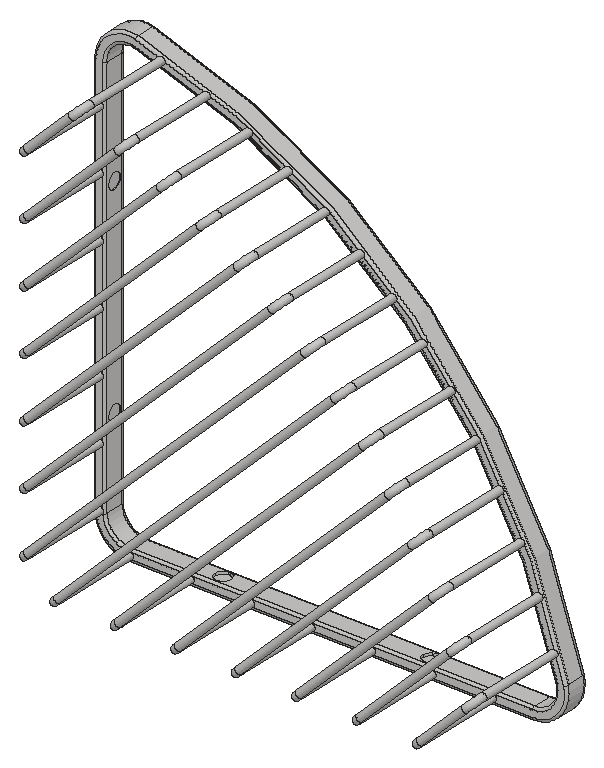
Revit family "PRD_FrankeWS_SpDshs_ACCESSOIRESCornerBasket_MISX2009HP", category Specialty Equipment, host Face, Revit 2018
Family settings
  Host = Face
  Round Connector Dimension = Use Diameter
  Part Type = Normal
  OmniClass Number = 23.40.20.21.34
  OmniClass Title = Soap Holders, Dispensers
  Cut with Voids When Loaded = No
  Shared = No
  Room Calculation Point = No
Parameters (values of type "MISX2009HP")
  WarrantyStartDate [instance] = "1900-12-31T23:59:59"
  WarrantyGuarantorParts = "n/a"
  WarrantyGuarantorLabor = "n/a"
  WarrantyDurationUnit = "year"
  WarrantyDurationParts = "n/a"
  WarrantyDurationLabor = "n/a"
  WarrantyDescription = "n/a"
  Version = "1"
  Uniclass2015Version = "Products v1.17"
  Uniclass2015Title = "Soap dishes"
  Uniclass2015Code = "Pr_40_20_76_82"
  URL = "www.kwc.com"
  TypeOfMounting = "Wall mounting"
  TypeOfFixing = "Screw"
  TagNumber [instance] = "n/a"
  SustainabilityPerformance = "n/a"
  Style = "Basket"
  Size = "205 x 50 x 205 mm"
  Shape = "n/a"
  SerialNumber [instance] = "n/a"
  Revision = "n/a"
  ReplacementCost = "n/a"
  ProductInformation = "https://pim.kwc.com/product/2000106380/attachment/datasheet?locale=en"
  NominalWidth = 205.00 mm
  NominalHeight = 50.00 mm
  NominalDepth = 205.00 mm
  NetWeight = 0.44 kg
  Name = "Corner basket MISX2009HP"
  NBSTypeID = "n/a"
  NBSReference = "45-35-72/356"
  NBSOfficeMasterTag = "n/a"
  NBSNote = "n/a"
  NBSDescription = "Soap dishes"
  NBSCertification = "n/a"
  ModelReference = "MISX2009HP"
  ModelNumber = "2000106380"
  Model = ModelReference  # "MISX2009HP"
  MaterialCode = "1.4301"
  Material = "stainless steel"
  ManufacturerURL = "www.kwc.com"
  ManufacturerName = "KWC Group AG"  # constant formula
  Manufacturer = ManufacturerName  # "KWC Group AG"
  MainColor = "stainless steel"
  IsBuiltIn = "TRUE"
  IntegralAccessories = "incl. stainless steel screws and dowels"
  InstallationDate [instance] = "1900-12-31T23:59:59"
  IfcExportType = "USERDEFINED"
  IfcExportAs = "IfcFurnitureType"
  GrossWeight = 0.65 kg
  Grade = "n/a"
  Finish = "high polished"
  Features = "stainless steel, surface high polished"
  ExpectedLife = "n/a"
  DurationUnit = "year"
  Description = "Corner basket for wall mounting, 304 stainless steel, used for shower or bath, inclusive stainless steel screws and dowels."
  Default Elevation = 1200.00 mm
  CreateOn = "05/2020"  # constant formula
  Constituents = "n/a"
  Color = "n/a"
  CodePerformance = "n/a"
  Category = "Pr_40_20_76_82, Soap dishes"
  BasketMaterial = PRD_AR_StainlessSteel_HighPolished
  BarCode [instance] = "n/a"
  BIMObjectName = "PRD_AR_SoapDishes_ACCESSOIRESCornerBasket_MISX2009HP"
  Author = "Archispace"  # constant formula
  AssetType = "Fixed"
  AssetIdentifier [instance] = "n/a"
  AccessibilityPerformance = "n/a"
Reference planes
  plane 1 "Center (Front/Back)": y = 0
  plane 2: z = 0
  plane 3 "Center (Left/Right)": x = 0
  plane 4: y = -50
  plane 5: x = 0
Forms (mm)
  Sweep 1, solid, material "PRD_AR_StainlessSteel_HighPolished" <- "BasketMaterial", detail levels fine
    path origin (0, 0, 0) x (1, 0, 0) y (0, 0, 1)
      loop
        arc (2.5, 15) -> (6.161, 6.161) -> (15, 2.5) r 12.5
        line (15, 2.5) -> (190.018, 2.5)
        arc (190.018, 2.5) -> (199.826, 7.25) -> (202.179, 17.891) r 12.5
        arc (202.179, 17.891) -> (136.133, 136.133) -> (17.891, 202.179) r 248.5
        arc (17.891, 202.179) -> (7.25, 199.826) -> (2.5, 190.018) r 12.5
        line (2.5, 190.018) -> (2.5, 15)
    profile origin (2.5, 0, 102.509) x (-1, 0, 0) y (0, -1, 0)
      loop
        arc (1.5, -5) -> (2.207, -4.707) -> (2.5, -4) r 1
        line (2.5, -4) -> (2.5, 4)
        arc (2.5, 4) -> (2.207, 4.707) -> (1.5, 5) r 1
        line (1.5, 5) -> (-1.5, 5)
        arc (-1.5, 5) -> (-2.207, 4.707) -> (-2.5, 4) r 1
        line (-2.5, 4) -> (-2.5, -4)
        arc (-2.5, -4) -> (-2.207, -4.707) -> (-1.5, -5) r 1
        line (-1.5, -5) -> (1.5, -5)
  Extrusion 2, void
    sketch origin (0, 0, 0) x (1, 0, 0) y (0, 1, 0)
      loop
        circle (52, 0) r 3.5
      loop
        circle (142, 0) r 3.5
    from 4.2 to 5
  Extrusion 3, void
    sketch origin (0, 0, 0) x (0, 0, 1) y (0, -1, 0)
      loop
        circle (52, 0) r 3.5
      loop
        circle (142, 0) r 3.5
    from 4.2 to 5
  Sweep 4, solid, material "PRD_AR_StainlessSteel_HighPolished" <- "BasketMaterial", detail levels fine
    path origin (6.036, -4572, 176.095) x (-0.707107, 0, -0.707107) y (0, -1, 0)
      loop
        line (5, -4567) -> (5, -4528.5)
        arc (5, -4528.5) -> (3.536, -4524.964) -> (0, -4523.5) r 5
        line (0, -4523.5) -> (-27.703, -4523.5)
        arc (-27.703, -4523.5) -> (-31.239, -4524.964) -> (-32.703, -4528.5) r 5
        line (-32.703, -4528.5) -> (-32.703, -4567)
    profile origin (2.5, -24.25, 172.559) x (0.707107, 0, 0.707107) y (-0.707107, 0, 0.707107)
      loop
        circle (0, 0) r 1.5
  Sweep 5, solid, material "PRD_AR_StainlessSteel_HighPolished" <- "BasketMaterial", detail levels fine
    path origin (19.117, -4572, 163.013) x (-0.707107, 0, -0.707107) y (0, -1, 0)
      loop
        line (23.5, -4567) -> (23.5, -4528.5)
        arc (23.5, -4528.5) -> (22.036, -4524.964) -> (18.5, -4523.5) r 5
        line (18.5, -4523.5) -> (-36.949, -4523.5)
        arc (-36.949, -4523.5) -> (-40.485, -4524.964) -> (-41.949, -4528.5) r 5
        line (-41.949, -4528.5) -> (-41.949, -4567)
    profile origin (2.5, -24.25, 146.396) x (0.707107, 0, 0.707107) y (-0.707107, 0, 0.707107)
      loop
        circle (0, 0) r 1.5
  Sweep 6, solid, material "PRD_AR_StainlessSteel_HighPolished" <- "BasketMaterial", detail levels fine
    path origin (32.198, -4572, 149.932) x (-0.707107, 0, -0.707107) y (0, -1, 0)
      loop
        line (42, -4567) -> (42, -4528.5)
        arc (42, -4528.5) -> (40.536, -4524.964) -> (37, -4523.5) r 5
        line (37, -4523.5) -> (-44.376, -4523.5)
        arc (-44.376, -4523.5) -> (-47.911, -4524.964) -> (-49.376, -4528.5) r 5
        line (-49.376, -4528.5) -> (-49.376, -4567)
    profile origin (2.5, -24.25, 120.233) x (0.707107, 0, 0.707107) y (-0.707107, 0, 0.707107)
      loop
        circle (0, 0) r 1.5
  Sweep 7, solid, material "PRD_AR_StainlessSteel_HighPolished" <- "BasketMaterial", detail levels fine
    path origin (45.28, -4572, 136.85) x (-0.707107, 0, -0.707107) y (0, -1, 0)
      loop
        line (60.5, -4567) -> (60.5, -4528.5)
        arc (60.5, -4528.5) -> (59.036, -4524.964) -> (55.5, -4523.5) r 5
        line (55.5, -4523.5) -> (-50.152, -4523.5)
        arc (-50.152, -4523.5) -> (-53.687, -4524.964) -> (-55.152, -4528.5) r 5
        line (-55.152, -4528.5) -> (-55.152, -4567)
    profile origin (2.5, -24.25, 94.07) x (0.707107, 0, 0.707107) y (-0.707107, 0, 0.707107)
      loop
        circle (0, 0) r 1.5
  Sweep 8, solid, material "PRD_AR_StainlessSteel_HighPolished" <- "BasketMaterial", detail levels fine
    path origin (58.361, -4572, 123.769) x (-0.707107, 0, -0.707107) y (0, -1, 0)
      loop
        line (79, -4567) -> (79, -4528.5)
        arc (79, -4528.5) -> (77.536, -4524.964) -> (74, -4523.5) r 5
        line (74, -4523.5) -> (-54.394, -4523.5)
        arc (-54.394, -4523.5) -> (-57.929, -4524.964) -> (-59.394, -4528.5) r 5
        line (-59.394, -4528.5) -> (-59.394, -4567)
    profile origin (2.5, -24.25, 67.907) x (0.707107, 0, 0.707107) y (-0.707107, 0, 0.707107)
      loop
        circle (0, 0) r 1.5
  Sweep 9, solid, material "PRD_AR_StainlessSteel_HighPolished" <- "BasketMaterial", detail levels fine
    path origin (71.443, -4572, 110.687) x (-0.707107, 0, -0.707107) y (0, -1, 0)
      loop
        line (97.5, -4567) -> (97.5, -4528.5)
        arc (97.5, -4528.5) -> (96.036, -4524.964) -> (92.5, -4523.5) r 5
        line (92.5, -4523.5) -> (-57.181, -4523.5)
        arc (-57.181, -4523.5) -> (-60.717, -4524.964) -> (-62.181, -4528.5) r 5
        line (-62.181, -4528.5) -> (-62.181, -4567)
    profile origin (2.5, -24.25, 41.744) x (0.707107, 0, 0.707107) y (-0.707107, 0, 0.707107)
      loop
        circle (0, 0) r 1.5
  Sweep 10, solid, material "PRD_AR_StainlessSteel_HighPolished" <- "BasketMaterial", detail levels fine
    path origin (84.524, -4572, 97.606) x (-0.707107, 0, -0.707107) y (0, -1, 0)
      loop
        line (116, -4567) -> (116, -4528.5)
        arc (116, -4528.5) -> (114.536, -4524.964) -> (111, -4523.5) r 5
        line (111, -4523.5) -> (-58.563, -4523.5)
        arc (-58.563, -4523.5) -> (-62.099, -4524.964) -> (-63.563, -4528.5) r 5
        line (-63.563, -4528.5) -> (-63.563, -4567)
    profile origin (2.5, -24.25, 15.581) x (0.707107, 0, 0.707107) y (-0.707107, 0, 0.707107)
      loop
        circle (0, 0) r 1.5
  Sweep 11, solid, material "PRD_AR_StainlessSteel_HighPolished" <- "BasketMaterial", detail levels fine
    path origin (176.095, -4572, 6.036) x (-0.707107, 0, -0.707107) y (0, 1, 0)
      loop
        line (5, 4567) -> (5, 4528.5)
        arc (5, 4528.5) -> (3.536, 4524.964) -> (0, 4523.5) r 5
        line (0, 4523.5) -> (-27.703, 4523.5)
        arc (-27.703, 4523.5) -> (-31.239, 4524.964) -> (-32.703, 4528.5) r 5
        line (-32.703, 4528.5) -> (-32.703, 4567)
    profile origin (172.559, -24.25, 2.5) x (-0.707107, 0, -0.707107) y (0.707107, 0, -0.707107)
      loop
        circle (0, 0) r 1.5
  Sweep 12, solid, material "PRD_AR_StainlessSteel_HighPolished" <- "BasketMaterial", detail levels fine
    path origin (163.013, -4572, 19.117) x (-0.707107, 0, -0.707107) y (0, 1, 0)
      loop
        line (23.5, 4567) -> (23.5, 4528.5)
        arc (23.5, 4528.5) -> (22.036, 4524.964) -> (18.5, 4523.5) r 5
        line (18.5, 4523.5) -> (-36.949, 4523.5)
        arc (-36.949, 4523.5) -> (-40.485, 4524.964) -> (-41.949, 4528.5) r 5
        line (-41.949, 4528.5) -> (-41.949, 4567)
    profile origin (146.396, -24.25, 2.5) x (-0.707107, 0, -0.707107) y (0.707107, 0, -0.707107)
      loop
        circle (0, 0) r 1.5
  Sweep 13, solid, material "PRD_AR_StainlessSteel_HighPolished" <- "BasketMaterial", detail levels fine
    path origin (149.932, -4572, 32.198) x (-0.707107, 0, -0.707107) y (0, 1, 0)
      loop
        line (42, 4567) -> (42, 4528.5)
        arc (42, 4528.5) -> (40.536, 4524.964) -> (37, 4523.5) r 5
        line (37, 4523.5) -> (-44.376, 4523.5)
        arc (-44.376, 4523.5) -> (-47.911, 4524.964) -> (-49.376, 4528.5) r 5
        line (-49.376, 4528.5) -> (-49.376, 4567)
    profile origin (120.233, -24.25, 2.5) x (-0.707107, 0, -0.707107) y (0.707107, 0, -0.707107)
      loop
        circle (0, 0) r 1.5
  Sweep 14, solid, material "PRD_AR_StainlessSteel_HighPolished" <- "BasketMaterial", detail levels fine
    path origin (136.85, -4572, 45.28) x (-0.707107, 0, -0.707107) y (0, 1, 0)
      loop
        line (60.5, 4567) -> (60.5, 4528.5)
        arc (60.5, 4528.5) -> (59.036, 4524.964) -> (55.5, 4523.5) r 5
        line (55.5, 4523.5) -> (-50.152, 4523.5)
        arc (-50.152, 4523.5) -> (-53.687, 4524.964) -> (-55.152, 4528.5) r 5
        line (-55.152, 4528.5) -> (-55.152, 4567)
    profile origin (94.07, -24.25, 2.5) x (-0.707107, 0, -0.707107) y (0.707107, 0, -0.707107)
      loop
        circle (0, 0) r 1.5
  Sweep 15, solid, material "PRD_AR_StainlessSteel_HighPolished" <- "BasketMaterial", detail levels fine
    path origin (123.769, -4572, 58.361) x (-0.707107, 0, -0.707107) y (0, 1, 0)
      loop
        line (79, 4567) -> (79, 4528.5)
        arc (79, 4528.5) -> (77.536, 4524.964) -> (74, 4523.5) r 5
        line (74, 4523.5) -> (-54.394, 4523.5)
        arc (-54.394, 4523.5) -> (-57.929, 4524.964) -> (-59.394, 4528.5) r 5
        line (-59.394, 4528.5) -> (-59.394, 4567)
    profile origin (67.907, -24.25, 2.5) x (-0.707107, 0, -0.707107) y (0.707107, 0, -0.707107)
      loop
        circle (0, 0) r 1.5
  Sweep 16, solid, material "PRD_AR_StainlessSteel_HighPolished" <- "BasketMaterial", detail levels fine
    path origin (110.687, -4572, 71.443) x (-0.707107, 0, -0.707107) y (0, 1, 0)
      loop
        line (97.5, 4567) -> (97.5, 4528.5)
        arc (97.5, 4528.5) -> (96.036, 4524.964) -> (92.5, 4523.5) r 5
        line (92.5, 4523.5) -> (-57.181, 4523.5)
        arc (-57.181, 4523.5) -> (-60.717, 4524.964) -> (-62.181, 4528.5) r 5
        line (-62.181, 4528.5) -> (-62.181, 4567)
    profile origin (41.744, -24.25, 2.5) x (-0.707107, 0, -0.707107) y (0.707107, 0, -0.707107)
      loop
        circle (0, 0) r 1.5
  Sweep 17, solid, material "PRD_AR_StainlessSteel_HighPolished" <- "BasketMaterial", detail levels fine
    path origin (97.606, -4572, 84.524) x (-0.707107, 0, -0.707107) y (0, 1, 0)
      loop
        line (116, 4567) -> (116, 4528.5)
        arc (116, 4528.5) -> (114.536, 4524.964) -> (111, 4523.5) r 5
        line (111, 4523.5) -> (-58.563, 4523.5)
        arc (-58.563, 4523.5) -> (-62.099, 4524.964) -> (-63.563, 4528.5) r 5
        line (-63.563, 4528.5) -> (-63.563, 4567)
    profile origin (15.581, -24.25, 2.5) x (-0.707107, 0, -0.707107) y (0.707107, 0, -0.707107)
      loop
        circle (0, 0) r 1.5
  Sweep 18, solid, material "PRD_AR_StainlessSteel_HighPolished" <- "BasketMaterial", detail levels medium
    path origin (0, 0, 0) x (1, 0, 0) y (0, 0, 1)
      loop
        line (2.5, 2.5) -> (205.328, 2.5)
        arc (205.328, 2.5) -> (136.133, 136.133) -> (2.5, 205.328) r 248.5
        line (2.5, 205.328) -> (2.5, 2.5)
    profile origin (2.5, 0, 103.914) x (-1, 0, 0) y (0, -1, 0)
      loop
        line (2.5, -5) -> (2.5, 5) -> (-2.5, 5) -> (-2.5, -5) -> (2.5, -5)
  Sweep 19, solid, material "PRD_AR_StainlessSteel_HighPolished" <- "BasketMaterial", detail levels medium
    path origin (0, 0, 0) x (1, 0, 0) y (0, 0, 1)
      loop
        line (2.5, 2.5) -> (205.328, 2.5)
        arc (205.328, 2.5) -> (136.133, 136.133) -> (2.5, 205.328) r 248.5
        line (2.5, 205.328) -> (2.5, 2.5)
    profile origin (2.5, 0, 103.914) x (-1, 0, 0) y (0, -1, 0)
      loop
        line (1.5, 5) -> (1.5, 50) -> (-1.5, 50) -> (-1.5, 5) -> (1.5, 5)
  Extrusion 20, solid, material "PRD_AR_StainlessSteel_HighPolished" <- "BasketMaterial", detail levels medium
    sketch origin (0, 0, 0) x (1, 0, 0) y (0, 0, 1)
      loop
        line (4, 203.541) -> (4, 4) -> (203.541, 4)
        arc (203.541, 4) -> (135.072, 135.072) -> (4, 203.541) r 247
    from 47 to 50
  Extrusion 21, solid, material "PRD_AR_StainlessSteel_HighPolished" <- "BasketMaterial", detail levels coarse
    sketch origin (0, 0, 0) x (1, 0, 0) y (0, 0, 1)
      loop
        line (0, 0) -> (208.276, 0)
        arc (208.276, 0) -> (137.901, 137.901) -> (0, 208.276) r 251
        line (0, 208.276) -> (0, 0)
    from -5 to 50
Cuts and joins
  Extrusion 2, Extrusion 3 cuts Sweep 1
  joined: Sweep 18, Sweep 19, Extrusion 20
Dimensions and locks
  plane 4 to plane 1 "Center (Front/Back)" = 50.00 mm
  aligned and locked: plane 2 to host face
  aligned and locked: level to host face
